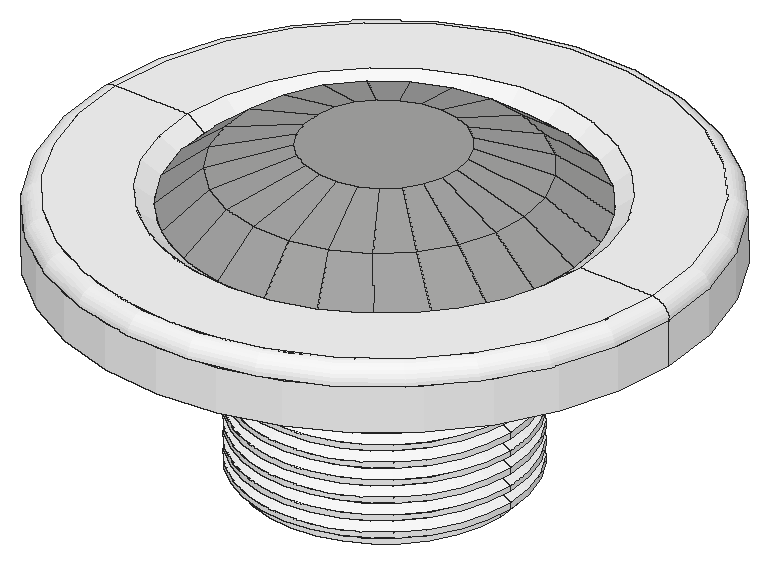
Revit family "BTSMP-OMNI", category Communication Devices, host Face, Revit 2021
Family settings
  Host = Face
  Maintain Annotation Orientation = No
  Round Connector Dimension = Use Diameter
  Part Type = Normal
  OmniClass Number = 23.85.80.11.27
  OmniClass Title = Lighting Controls
  Cut with Voids When Loaded = No
  Shared = Yes
  Room Calculation Point = No
Parameters
  Warranty = "5-Years Warranty"  # constant formula
  Type Comments = "Bluetooth® OMNI Sensor Module"  # constant formula
  Product Page URL = ""
  Product Documentation Link = ""
  URL = "https://www.currentlighting.com/nxlightingcontrols"
  Power Requirements = "Low Voltage sensors: 12-32VDC (Requires\r\nDim to Off driver with auxiliary power or low\r\nvoltage power supply - Not included)"  # constant formula
  Mounting = ":2.75 (Mounting Height : Coverage Radius);\r\nUp to 14ft"  # constant formula
  Model = "Bluetooth® OMNI Sensor Module"  # constant formula
  Manufacturer = " NX Lighting Controls"  # constant formula
  Sensing Element = Paint - Gray Smooth
  Description = "• Passive Infrared (PIR) sensing technology provides excellent major\r\nmotion detection\r\n• Wireless programming using HCS control mobile app\r\n• 0-10V dimming control\r\n• Single/Dual motion sensor timer modes\r\n• Daylight sensor with multiple daylight harvesting modes\r"  # constant formula
  Default Elevation = 48.00"
  Copyright = "Copyright ©  NX Lighting Controls"  # constant formula
  Contact Us = ""
  Housing Material = Paint -  Matte White
  Certifications = "Conforms with UL STD 508, UL STD 244A\r\n• OMNI-O: IP65 Rated"  # constant formula
  Assembly Code = "D5090"
Reference planes (in)
  plane 1 "Center (Front/Back)": y = 10.63342
  plane 2: z = 0
  plane 3 "Center (Left/Right)": x = 0
  plane 4: x = -1.75
  plane 5: x = 1.75
  plane 6: y = 12.38342
  plane 7: y = 8.88342
  plane 8: z = 0.6
  plane 9: z = -1.2
Forms (in)
  Revolve 1, solid, material "Paint -  Matte White" <- "Housing Material"
    sketch origin (0, 10.63342, 0) x (1, 0, 0) y (0, 0, 1)
      loop
        line (0, -1.19844) -> (0, 0.27526) -> (-1.10848, 0.27526) -> (-1.20628, 0.34375) -> (-1.65, 0.34375)
        arc (-1.65, 0.34375) -> (-1.72071, 0.31446) -> (-1.75, 0.24375) r 0.1
        line (-1.75, 0.24375) -> (-1.75, -0.00781) -> (-0.71434, -0.00781) -> (-0.77542, -0.04308) -> (-0.77542, -0.07408) -> (-0.71875, -0.1068) -> (-0.77542, -0.13951) -> (-0.77542, -0.17051) -> (-0.71875, -0.20323) -> (-0.77542, -0.23595) -> (-0.77542, -0.26695) -> (-0.71875, -0.29967) -> (-0.77542, -0.33239) -> (-0.77542, -0.36339) -> (-0.71875, -0.3961) -> (-0.77542, -0.42882) -> (-0.77542, -0.45982) -> (-0.71875, -0.49254) -> (-0.77542, -0.52526) -> (-0.77542, -0.55626) -> (-0.71875, -0.58898) -> (-0.77542, -0.62169) -> (-0.77542, -0.65269) -> (-0.71875, -0.68541) -> (-0.77542, -0.71813) -> (-0.77542, -0.74913) -> (-0.71875, -0.78185) -> (-0.77542, -0.81457) -> (-0.77542, -0.84557) -> (-0.71875, -0.87828) -> (-0.77542, -0.911) -> (-0.77542, -0.942) -> (-0.71875, -0.97472) -> (-0.77542, -1.00744) -> (-0.77542, -1.03844) -> (-0.71875, -1.07116) -> (-0.77542, -1.10387) -> (-0.77542, -1.13487) -> (-0.71875, -1.16759) -> (-0.71875, -1.19844) -> (0, -1.19844)
      axis (0, 0.34375) -> (0, -1.19844)
    angle from 0 to 360
  Blend 2, solid, material "Paint - Gray Smooth" <- "Sensing Element"
    base sketch origin (-0.01563, -0.00912, 0) x (1, 0, 0) y (0, 1, 0)
      loop
        line (0.01563, 11.75459) -> (-0.26093, 11.71965) -> (-0.52011, 11.61704) -> (-0.74562, 11.45319) -> (-0.92331, 11.23841) -> (-1.04199, 10.98618) -> (-1.09423, 10.71237) -> (-1.07672, 10.43417) -> (-0.99058, 10.16906) -> (-0.84122, 9.9337) -> (-0.63802, 9.74288) -> (-0.39375, 9.60859) -> (-0.12375, 9.53927) -> (0.155, 9.53927) -> (0.425, 9.60859) -> (0.66927, 9.74288) -> (0.87247, 9.9337) -> (1.02183, 10.16906) -> (1.10797, 10.43417) -> (1.12548, 10.71237) -> (1.07324, 10.98618) -> (0.95456, 11.23841) -> (0.77687, 11.45319) -> (0.55136, 11.61704) -> (0.29218, 11.71965) -> (0.01563, 11.75459)
    top sketch origin (-0.01563, -0.00912, 0) x (1, 0, 0) y (0, 1, 0)
      loop
        line (0, 11.48206) -> (-0.21105, 11.4554) -> (-0.40884, 11.37709) -> (-0.58093, 11.25205) -> (-0.71653, 11.08814) -> (-0.8071, 10.89566) -> (-0.84696, 10.68671) -> (-0.83361, 10.4744) -> (-0.76787, 10.27209) -> (-0.65389, 10.09248) -> (-0.49882, 9.94686) -> (-0.31241, 9.84437) -> (-0.10636, 9.79147) -> (0.10636, 9.79147) -> (0.31241, 9.84437) -> (0.49882, 9.94686) -> (0.65389, 10.09248) -> (0.76787, 10.27209) -> (0.83361, 10.4744) -> (0.84696, 10.68671) -> (0.8071, 10.89566) -> (0.71653, 11.08814) -> (0.58093, 11.25205) -> (0.40884, 11.37709) -> (0.21105, 11.4554) -> (0, 11.48206)
    from 0.27526 to 0.47337
  Blend 3, solid, material "Paint - Gray Smooth" <- "Sensing Element"
    base sketch origin (0, 0, 0) x (1, 0, 0) y (0, 1, 0)
      loop
        line (-0.01562, 11.47294) -> (-0.22667, 11.44627) -> (-0.42446, 11.36796) -> (-0.59656, 11.24293) -> (-0.73216, 11.07902) -> (-0.82273, 10.88654) -> (-0.86259, 10.67758) -> (-0.84923, 10.46528) -> (-0.7835, 10.26296) -> (-0.66951, 10.08335) -> (-0.51444, 9.93773) -> (-0.32803, 9.83525) -> (-0.12199, 9.78235) -> (0.09074, 9.78235) -> (0.29678, 9.83525) -> (0.48319, 9.93773) -> (0.63826, 10.08335) -> (0.75225, 10.26296) -> (0.81798, 10.46528) -> (0.83134, 10.67758) -> (0.79148, 10.88654) -> (0.70091, 11.07902) -> (0.56531, 11.24293) -> (0.39321, 11.36796) -> (0.19542, 11.44627) -> (-0.01562, 11.47294)
    top sketch origin (0, 0, 0) x (1, 0, 0) y (0, 1, 0)
      loop
        line (0, 11.06751) -> (-0.10795, 11.05387) -> (-0.20913, 11.01382) -> (-0.29716, 10.94986) -> (-0.36652, 10.86602) -> (-0.41285, 10.76756) -> (-0.43324, 10.66068) -> (-0.4264, 10.55208) -> (-0.39278, 10.44859) -> (-0.33447, 10.35672) -> (-0.25515, 10.28223) -> (-0.1598, 10.22981) -> (-0.05441, 10.20275) -> (0.05441, 10.20275) -> (0.1598, 10.22981) -> (0.25515, 10.28223) -> (0.33447, 10.35672) -> (0.39278, 10.44859) -> (0.4264, 10.55208) -> (0.43324, 10.66068) -> (0.41285, 10.76756) -> (0.36652, 10.86602) -> (0.29716, 10.94986) -> (0.20913, 11.01382) -> (0.10795, 11.05387) -> (0, 11.06751)
    from 0.47337 to 0.6
Cuts and joins
  joined: Blend 2, Blend 3
Dimensions and locks (in)
  plane 8 to plane 9 = 1.80"
  plane 2 to plane 9 = 1.20"
  aligned and locked: plane 2 to host face
  aligned and locked: level to host face
  aligned and locked: Blend 2 to Revolve 1
Connectors (in)
  electrical at (0, 10.63342, -0.00781)
    settings: on Revolve 1, index 1, voltage 0 V, apparent load 0 VA, apparent load phase1 0 VA, apparent load phase2 0 VA, apparent load phase3 0 VA, power factor 1, load classification "Other", number of poles 1, system type 13, power factor state 1, is connector primary yes, connector utility no, sub classification motor no, connector description "Sensor Module"
